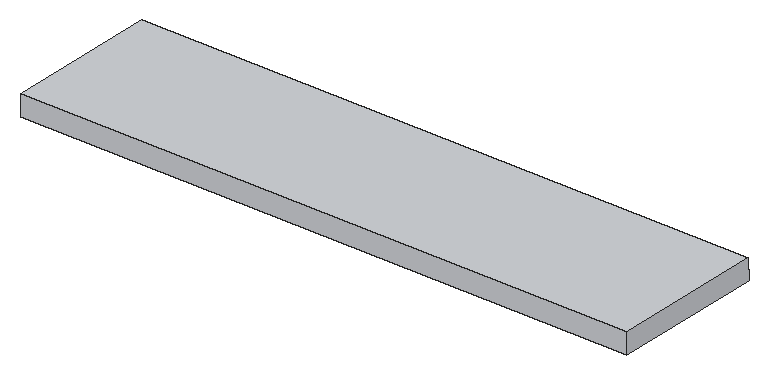
Revit family "1826_ TUPEX ELECTRIC_AREL AS", category Lighting Fixtures, host Face, Revit 2016
Family settings
  Host = Face
  Part Type = Normal
  Round Connector Dimension = Use Diameter
  Cut with Voids When Loaded = No
  Light Source = Yes
  Shared = No
  Room Calculation Point = Yes
Parameters
  width = 1200 mm
  volt = 220 V
  length = 150 mm
  depth = 20 mm
  Wattage = 35 W
  built-in parameter 1150110 = 1 (stored number, unit not read)
  built-in parameter 1114217 = 1 (stored number, unit not read)
  Tilt Angle = 60.00°
  built-in parameter 1150109 = 1 (stored number, unit not read)
  built-in parameter 1150134 = 3
  built-in parameter 1150113 = 1 (stored number, unit not read)
  Photometric Web File = "1826.IES"
  built-in parameter 1150105 = 334.23 (stored number, unit not read)
  Lumens = 4200 lm
  built-in parameter 1150115 = 1 (stored number, unit not read)
  built-in parameter 1150137 = (empty or 0)
  built-in parameter 1150139 = (empty or 0)
  built-in parameter 1150112 = 1 (stored number, unit not read)
  built-in parameter 1150114 = 1 (stored number, unit not read)
  built-in parameter 1150132 = (empty or 0)
  built-in parameter 1150102 = (empty or 0)
  built-in parameter 1150107 = 3200 (stored number, unit not read)
  built-in parameter 1150138 = (empty or 0)
  built-in parameter 1150106 = 3.3423 (stored number, unit not read)
  built-in parameter 1150104 = 11.148 (stored number, unit not read)
  Dimming Lamp Color Temperature Shift = (empty or 0)
  Default Elevation = 1219.2 mm
  Color Filter = 16777215
  built-in parameter 1114218 = 1 (stored number, unit not read)
  built-in parameter 1150133 = 10 (stored number, unit not read)
Reference planes
  plane 1 "Center (Front/Back)": y = 0
  plane 2: z = 0
  plane 3 "Center (Left/Right)": x = 0
  plane 4: x = 1200
  plane 5: y = -150
  plane 6: z = 20
  plane 7: z = -20
  plane 8: y = -300
  plane 9: x = 300
  plane 10: x = 600
Forms (mm)
  Extrusion 1, solid
    sketch origin (0, 0, 0) x (1, 0, 0) y (0, 0, 1)
      loop
        line (1200, 20) -> (0, 20) -> (0, -20) -> (1200, -20) -> (1200, 20)
    from 0 to 300
Dimensions and locks
  "width": plane 3 "Center (Left/Right)" to plane 4
  "length": plane 5 to plane 1 "Center (Front/Back)"
  "depth": level to plane 6
  plane 7 to level = 20 mm
  Extrusion 1 to Extrusion 1 = 300 mm
  aligned and locked: host face to plane 2
  aligned and locked: host face to level
Automatic sketch dimensions
  host sketch curve to host sketch curve = 4076.048 mm
  host sketch curve to host sketch curve = 2438.4 mm
  Extrusion 1 sketch curve to plane 6 = 0 mm
  Extrusion 1 sketch curve to plane 7 = 0 mm
  Extrusion 1 sketch curve to plane 3 "Center (Left/Right)" = 0 mm
  Extrusion 1 sketch curve to plane 4 = 0 mm
Connectors
  electrical at (600, 0, 0)
    settings: on Extrusion 1, index 1, voltage 0 V, apparent load 0 VA, apparent load phase1 0 VA, apparent load phase2 0 VA, apparent load phase3 0 VA, power factor 1, load classification "Other", number of poles 1, system type 31, power factor state 1, is connector primary yes, connector utility no, sub classification motor no, connector description ""
  electrical at (600, -150, 20), driven by "volt"
    settings: on Extrusion 1, index 2, voltage 220 V, apparent load 0 VA, apparent load phase1 42 VA, apparent load phase2 0 VA, apparent load phase3 0 VA, power factor 1, load classification "Other", number of poles 1, system type 31, power factor state 1, is connector primary no, connector utility no, sub classification motor no, connector description ""
